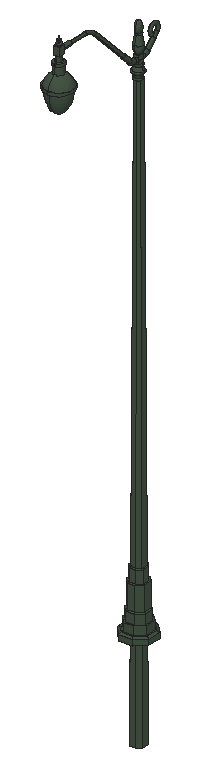
Revit family
Reference planes (in)
  plane 1 "Center (Front/Back)": y = 0.11763
  plane 2: z = 0
  plane 3 "Center (Left/Right)": x = 0
  plane 4 "Pole Base": z = -72
  plane 5 "Support Rod Length": y = -72
  plane 6: y = 2.75
  plane 7: y = -2.75
  plane 8: y = 3.75
  plane 9: y = -3.75
  plane 10: y = 0.11763
Forms (in)
  Blend 1, solid, material "Green Concrete"
    base sketch origin (0.11763, 0.11763, 0) x (0, 1, 0) y (-1, 0, 0)
      loop
        line (-5, 2.07107) -> (-5, -2.07107) -> (-2.07107, -5) -> (2.07107, -5) -> (5, -2.07107) -> (5, 2.07107) -> (2.07107, 5) -> (-2.07107, 5) -> (-5, 2.07107)
    top sketch origin (0.11763, 0.11763, 0) x (0, 1, 0) y (-1, 0, 0)
      loop
        line (-2.75, 1.13909) -> (-2.75, -1.13909) -> (-1.13909, -2.75) -> (1.13909, -2.75) -> (2.75, -1.13909) -> (2.75, 1.13909) -> (1.13909, 2.75) -> (-1.13909, 2.75) -> (-2.75, 1.13909)
    from -72 to 372
  Blend 2, solid, material "Green Concrete"
    base sketch origin (0.11763, 0.11763, 3.75) x (-1, 0, 0) y (0, -1, 0)
      loop
        line (-11.75, 4.86701) -> (-11.75, -4.86701) -> (-4.86701, -11.75) -> (4.86701, -11.75) -> (11.75, -4.86701) -> (11.75, 4.86701) -> (4.86701, 11.75) -> (-4.86701, 11.75) -> (-11.75, 4.86701)
    top sketch origin (0.11763, 0.11763, 3.75) x (-1, 0, 0) y (0, -1, 0)
      loop
        line (-4.34924, 10.5) -> (-10.5, 4.34924) -> (-10.5, -4.34924) -> (-4.34924, -10.5) -> (4.34924, -10.5) -> (10.5, -4.34924) -> (10.5, 4.34924) -> (4.34924, 10.5) -> (-4.34924, 10.5)
    from 0 to 1.5
  Extrusion 3, solid, material "Green Concrete"
    sketch origin (0.11763, 0.11763, 0) x (0, 1, 0) y (-1, 0, 0)
      loop
        line (-4.86701, -11.75) -> (4.86701, -11.75) -> (11.75, -4.86701) -> (11.75, 4.86701) -> (4.86701, 11.75) -> (-4.86701, 11.75) -> (-11.75, 4.86701) -> (-11.75, -4.86701) -> (-4.86701, -11.75)
    from 0 to 3.75
  Extrusion 4, solid, material "Green Concrete"
    sketch origin (0.11763, 0.11763, 5.20711) x (-1, 0, 0) y (0, -1, 0)
      loop
        line (-3.72792, 9) -> (-9, 3.72792) -> (-9, -3.72792) -> (-3.72792, -9) -> (3.72792, -9) -> (9, -3.72792) -> (9, 3.72792) -> (3.72792, 9) -> (-3.72792, 9)
    from 0 to 6.25
  Blend 5, solid, material "Green Concrete"
    base sketch origin (0.11763, 0.11763, 18.45711) x (-1, 0, 0) y (0, -1, 0)
      loop
        line (-3.21016, 7.75) -> (-7.75, 3.21016) -> (-7.75, -3.21016) -> (-3.21016, -7.75) -> (3.21016, -7.75) -> (7.75, -3.21016) -> (7.75, 3.21016) -> (3.21016, 7.75) -> (-3.21016, 7.75)
    top sketch origin (0.11763, 0.11763, 18.45711) x (-1, 0, 0) y (0, -1, 0)
      loop
        line (-2.79594, 6.75) -> (-6.75, 2.79594) -> (-6.75, -2.79594) -> (-2.79594, -6.75) -> (2.79594, -6.75) -> (6.75, -2.79594) -> (6.75, 2.79594) -> (2.79594, 6.75) -> (-2.79594, 6.75)
    from 0 to 1
  Extrusion 6, solid, material "Green Concrete"
    sketch origin (0.11763, 0.11763, 18.45711) x (-1, 0, 0) y (0, -1, 0)
      loop
        line (-3.21016, 7.75) -> (-7.75, 3.21016) -> (-7.75, -3.21016) -> (-3.21016, -7.75) -> (3.21016, -7.75) -> (7.75, -3.21016) -> (7.75, 3.21016) -> (3.21016, 7.75) -> (-3.21016, 7.75)
    from 0 to -7
  Extrusion 7, solid, material "Green Concrete"
    sketch origin (0.11763, 0.11763, 19.45711) x (-1, 0, 0) y (0, -1, 0)
      loop
        line (-2.79594, 6.75) -> (-6.75, 2.79594) -> (-6.75, -2.79594) -> (-2.79594, -6.75) -> (2.79594, -6.75) -> (6.75, -2.79594) -> (6.75, 2.79594) -> (2.79594, 6.75) -> (-2.79594, 6.75)
    from 0 to 18
  Blend 8, solid, material "Green Concrete"
    base sketch origin (0.11763, 0.11763, 46.66421) x (-1, 0, 0) y (0, -1, 0)
      loop
        line (-2.27817, 5.5) -> (-5.5, 2.27817) -> (-5.5, -2.27817) -> (-2.27817, -5.5) -> (2.27817, -5.5) -> (5.5, -2.27817) -> (5.5, 2.27817) -> (2.27817, 5.5) -> (-2.27817, 5.5)
    top sketch origin (0.11763, 0.11763, 46.66421) x (-1, 0, 0) y (0, -1, 0)
      loop
        line (-1.83043, 4.3891) -> (-4.39926, 1.82028) -> (-4.39926, -1.8104) -> (-1.8144, -4.39525) -> (1.82171, -4.39525) -> (4.38841, -1.82855) -> (4.38841, 1.82636) -> (1.82567, 4.3891) -> (-1.83043, 4.3891)
    from 0 to 1
  Extrusion 9, solid, material "Green Concrete"
    sketch origin (0.11763, 0.11763, 37.45711) x (-1, 0, 0) y (0, -1, 0)
      loop
        line (2.27817, -5.5) -> (5.5, -2.27817) -> (5.5, 2.27817) -> (2.27817, 5.5) -> (-2.27817, 5.5) -> (-5.5, 2.27817) -> (-5.5, -2.27817) -> (-2.27817, -5.5) -> (2.27817, -5.5)
    from 0 to 9.20711
  Revolve 10, solid, material "Green Metal"
    sketch origin (0.11763, 0, 0) x (-1, 0, 0) y (0, 0, 1)
      loop
        arc (2.75, 372) -> (3.25, 372.5) -> (2.75, 373) r 0.5
        line (2.75, 373) -> (2.37531, 373) -> (3.98927, 376.625)
        arc (3.98927, 376.625) -> (4.48927, 377.125) -> (3.98927, 377.625) r 0.5
        line (3.98927, 377.625) -> (2.37531, 381.25) -> (2.75, 381.25)
        arc (2.75, 381.25) -> (3.25, 381.75) -> (2.75, 382.25) r 0.5
        line (2.75, 382.25) -> (0.11763, 382.25) -> (0.11763, 372) -> (2.75, 372)
      axis (0.11763, 372) -> (0.11763, 382.25)
    angle from 0 to 360
  Extrusion 11, solid, material "Green Metal"
    sketch origin (0.61763, -0.38237, 382.25) x (-1, 0, 0) y (0, -1, 0)
      loop
        line (-1.38237, 1.5) -> (-1.38237, -2.5) -> (2.61763, -2.5) -> (2.61763, 1.5) -> (-1.38237, 1.5)
    from 0 to 6
  Sweep 12, solid, material "Green Metal"
    path origin (-0.00704, 0.11763, 0) x (0, 0, -1) y (0, -1, 0)
      loop
        arc (-387.05494, -8.32058) -> (-385.7543, -6.37404) -> (-385.29758, -4.07794) r 6
        line (-385.29758, -4.07794) -> (-385.29758, 0) -> (-385.29758, 4.07794)
        arc (-385.29758, 4.07794) -> (-385.7543, 6.37404) -> (-387.05494, 8.32058) r 6
    profile origin (-0.00704, -6.25641, 385.7543) x (0, 0.382683, 0.92388) y (-1, 0, 0)
      loop
        circle (0, 0) r 1.75
  Sweep 13, solid, material "Green Metal"
    path in 3D
      loop
        line (0, -13.8598, 392.71179) -> (0, -40.93087, 419.78286)
        arc (0, -40.93087, 419.78286) -> (0, -44.82395, 422.38414) -> (0, -49.41615, 423.29758) r 12
        line (0, -49.41615, 423.29758) -> (0, -63.88237, 423.29758)
    profile origin (0, -27.39534, 406.24733) x (-1, 0, 0) y (0, -0.707107, -0.707107)
      loop
        circle (0, 0) r 1
  Sweep 14, solid, material "Green Metal"
    path in 3D
      loop
        line (0, -8.20295, 387.05494) -> (0, -13.8598, 392.71179)
    profile origin (0, -11.03138, 389.88337) x (-1, 0, 0) y (0, -0.707107, -0.707107)
      loop
        circle (0, 0) r 1.5
  Sweep 15, solid, material "Green Metal"
    path in 3D
      loop
        line (0, -71.88237, 423.29758) -> (0, -63.88237, 423.29758)
    profile origin (0, -67.88237, 423.29758) x (-1, 0, 0) y (0, 0, 1)
      loop
        circle (0, 0) r 1.5
  Extrusion 16, solid, material "Green Metal"
    sketch origin (0.61763, -74.42134, 420.25) x (-1, 0, 0) y (0, -1, 0)
      loop
        line (-1.38237, 1.5) -> (-1.38237, -2.5) -> (2.61763, -2.5) -> (2.61763, 1.5) -> (-1.38237, 1.5)
    from 0 to 6
  Revolve 17, solid, material "Green Metal"
    sketch origin (0.11763, 0.11763, 0) x (0, 1, 0) y (0, 0, 1)
      loop
        arc (2.124, 402.00111) -> (2.34138, 402.1864) -> (2.14483, 402.39366) r 0.19683
        line (2.14483, 402.39366) -> (0.5, 402.39366)
        spline (0.5, 402.39366) -> (1.04157, 402.57882) -> (1.524, 403.01569) -> (1.91729, 403.67707) -> (2.19695, 404.52181) -> (2.34559, 405.49736) -> (2.35396, 406.543) -> (2.22154, 407.59368) -> (1.95656, 408.58402) -> (1.57552, 409.4524) -> (1.10212, 410.14479) -> (0.56583, 410.6181) -> (0, 410.84289)
        line (0, 410.84289) -> (0, 388.25)
        spline (0, 388.25) -> (0.50084, 388.31271) -> (0.98971, 388.49936) -> (1.45494, 388.80547) -> (1.88541, 389.22373) -> (2.27083, 389.74416) -> (2.60201, 390.35433) -> (2.87101, 391.03964) -> (3.07143, 391.78373) -> (3.19847, 392.56883) -> (3.2491, 393.37617) -> (3.2221, 394.18647) -> (3.11812, 394.98037)
        line (3.11812, 394.98037) -> (1.8516, 401.70372)
        arc (1.8516, 401.70372) -> (1.91356, 401.91955) -> (2.12374, 401.9986) r 0.25
      axis (0, 388.25) -> (0, 410.84289)
    angle from 0 to 360
  Extrusion 18, solid, material "Green Metal"
    sketch origin (0.11763, 0.11763, 420.25) x (0, 1, 0) y (-1, 0, 0)
      loop
        circle (-74.03897, 0.11763) r 1.5
    from 0 to -4
  Revolve 19, solid, material "Green Metal"
    sketch origin (0.11763, 0.11763, 0) x (0, 1, 0) y (0, 0, 1)
      loop
        line (-74.03897, 416.25) -> (-74.03897, 414.25) -> (-70.03897, 414.25) -> (-70.03897, 415.75) -> (-70.905, 416.25) -> (-74.03897, 416.25)
      axis (-74.03897, 414.25) -> (-74.03897, 416.25)
    angle from 0 to 360
  Extrusion 20, solid, material "Green Metal"
    sketch origin (0.11763, 0.11763, 414.25) x (0, 1, 0) y (-1, 0, 0)
      loop
        circle (-74.03897, 0.11763) r 3.5
    from 0 to -6
  Revolve 21, solid, material "Green Metal"
    sketch origin (0.11763, 0.11763, 0) x (0, 1, 0) y (0, 0, 1)
      loop
        line (-74.03897, 408.25) -> (-74.03897, 398.25) -> (-63.54489, 398.25) -> (-63.54489, 400.21047) -> (-64.34807, 400.21047)
        arc (-64.34807, 400.21047) -> (-66.58142, 404.8941) -> (-70.53897, 408.25) r 12.3723
        line (-70.53897, 408.25) -> (-74.03897, 408.25)
      axis (-74.03897, 398.25) -> (-74.03897, 408.25)
    angle from 0 to 360
  Revolve 22, solid, material "Green Metal"
    sketch origin (0.11763, 0.11763, 0) x (0, 1, 0) y (0, 0, 1)
      loop
        line (-65.03897, 398.25) -> (-74.03897, 398.25) -> (-74.03897, 381.5)
        spline (-74.03897, 381.5) -> (-72.86423, 381.6433) -> (-71.7096, 382.07074) -> (-70.59482, 382.77502) -> (-69.53897, 383.74407) -> (-68.56012, 384.96133) -> (-67.67501, 386.40596) -> (-66.89879, 388.05325) -> (-66.24474, 389.875) -> (-65.72405, 391.84005) -> (-65.34564, 393.91478) -> (-65.11597, 396.06369) -> (-65.03897, 398.25)
      axis (-74.03897, 381.5) -> (-74.03897, 398.25)
    angle from 0 to 360
  Sweep 23, solid, material "Green Metal"
    path in 3D
      loop
        line (0, 8.43821, 387.05494) -> (0, 14.09507, 392.71179)
    profile origin (0, 11.26664, 389.88337) x (-1, 0, 0) y (0, -0.707107, 0.707107)
      loop
        circle (0, 0) r 1.5
  Revolve 24, solid, material "Green Metal"
    sketch origin (0.11763, 0.11763, 0) x (0, 1, 0) y (0, 0, 1)
      loop
        line (-72.27121, 426.25) -> (-72.27121, 426.56002) -> (-72.60212, 426.56002) -> (-72.60212, 426.84403) -> (-72.92709, 426.84403) -> (-72.92709, 427.16298) -> (-73.57305, 427.16298) -> (-73.57305, 427.45965) -> (-72.59941, 427.45965)
        arc (-72.59941, 427.45965) -> (-72.28691, 427.77215) -> (-72.59941, 428.08465) r 0.3125
        line (-72.59941, 428.08465) -> (-73.57305, 428.08465) -> (-73.57305, 429.53378) -> (-73.17709, 429.53378)
        arc (-73.17709, 429.53378) -> (-73.00031, 429.607) -> (-72.92709, 429.78378) r 0.25
        line (-72.92709, 429.78378) -> (-72.92709, 430.28378) -> (-73.3939, 430.28378) -> (-73.94566, 432.87961) -> (-74.03897, 432.87961) -> (-74.03897, 426.25) -> (-72.27121, 426.25)
      axis (-74.03897, 426.25) -> (-74.03897, 432.87961)
    angle from 0 to 360
  Sweep 25, solid, material "Green Metal"
    path origin (0.11763, 0.11763, 0) x (0, 1, 0) y (0, 0, 1)
      loop
        line (13.80066, 392.53502) -> (17.25612, 395.99048)
        arc (17.25612, 395.99048) -> (14.31074, 402.31609) -> (12.49348, 395.57916) r 3.71352
    profile origin (0.11763, 15.64602, 394.26275) x (0, -0.707107, 0.707107) y (1, 0, 0)
      loop
        circle (0, -0.11763) r 1
  Blend 26, solid, material "Green Concrete", not visible
    base sketch origin (0, 0, 0) x (1, 0, 0) y (0, 1, 0)
      loop
        line (-5, 2.07107) -> (-5, -2.07107) -> (-2.07107, -5) -> (2.07107, -5) -> (5, -2.07107) -> (5, 2.07107) -> (2.07107, 5) -> (-2.07107, 5) -> (-5, 2.07107)
    top sketch origin (0, 0, 0) x (1, 0, 0) y (0, 1, 0)
      loop
        line (-2.75, 1.13909) -> (-2.75, -1.13909) -> (-1.13909, -2.75) -> (1.13909, -2.75) -> (2.75, -1.13909) -> (2.75, 1.13909) -> (1.13909, 2.75) -> (-1.13909, 2.75) -> (-2.75, 1.13909)
    from -72 to 372
  Blend 27, solid, material "Green Concrete", not visible
    base sketch origin (0, 0, 3.75) x (0, 1, 0) y (-1, 0, 0)
      loop
        line (-11.75, 4.86701) -> (-11.75, -4.86701) -> (-4.86701, -11.75) -> (4.86701, -11.75) -> (11.75, -4.86701) -> (11.75, 4.86701) -> (4.86701, 11.75) -> (-4.86701, 11.75) -> (-11.75, 4.86701)
    top sketch origin (0, 0, 3.75) x (0, 1, 0) y (-1, 0, 0)
      loop
        line (-4.34924, 10.5) -> (-10.5, 4.34924) -> (-10.5, -4.34924) -> (-4.34924, -10.5) -> (4.34924, -10.5) -> (10.5, -4.34924) -> (10.5, 4.34924) -> (4.34924, 10.5) -> (-4.34924, 10.5)
    from 0 to 1.5
  Extrusion 28, solid, material "Green Concrete", not visible
    sketch origin (0, 0, 0) x (1, 0, 0) y (0, 1, 0)
      loop
        line (-4.86701, -11.75) -> (4.86701, -11.75) -> (11.75, -4.86701) -> (11.75, 4.86701) -> (4.86701, 11.75) -> (-4.86701, 11.75) -> (-11.75, 4.86701) -> (-11.75, -4.86701) -> (-4.86701, -11.75)
    from 0 to 3.75
  Extrusion 29, solid, material "Green Concrete", not visible
    sketch origin (0, 0, 5.20711) x (0, 1, 0) y (-1, 0, 0)
      loop
        line (-3.72792, 9) -> (-9, 3.72792) -> (-9, -3.72792) -> (-3.72792, -9) -> (3.72792, -9) -> (9, -3.72792) -> (9, 3.72792) -> (3.72792, 9) -> (-3.72792, 9)
    from 0 to 6.25
  Blend 30, solid, material "Green Concrete", not visible
    base sketch origin (0, 0, 18.45711) x (0, 1, 0) y (-1, 0, 0)
      loop
        line (-3.21016, 7.75) -> (-7.75, 3.21016) -> (-7.75, -3.21016) -> (-3.21016, -7.75) -> (3.21016, -7.75) -> (7.75, -3.21016) -> (7.75, 3.21016) -> (3.21016, 7.75) -> (-3.21016, 7.75)
    top sketch origin (0, 0, 18.45711) x (0, 1, 0) y (-1, 0, 0)
      loop
        line (-2.79594, 6.75) -> (-6.75, 2.79594) -> (-6.75, -2.79594) -> (-2.79594, -6.75) -> (2.79594, -6.75) -> (6.75, -2.79594) -> (6.75, 2.79594) -> (2.79594, 6.75) -> (-2.79594, 6.75)
    from 0 to 1
  Extrusion 31, solid, material "Green Concrete", not visible
    sketch origin (0, 0, 18.45711) x (0, 1, 0) y (-1, 0, 0)
      loop
        line (-3.21016, 7.75) -> (-7.75, 3.21016) -> (-7.75, -3.21016) -> (-3.21016, -7.75) -> (3.21016, -7.75) -> (7.75, -3.21016) -> (7.75, 3.21016) -> (3.21016, 7.75) -> (-3.21016, 7.75)
    from 0 to -7
  Extrusion 32, solid, material "Green Concrete", not visible
    sketch origin (0, 0, 19.45711) x (0, 1, 0) y (-1, 0, 0)
      loop
        line (-2.79594, 6.75) -> (-6.75, 2.79594) -> (-6.75, -2.79594) -> (-2.79594, -6.75) -> (2.79594, -6.75) -> (6.75, -2.79594) -> (6.75, 2.79594) -> (2.79594, 6.75) -> (-2.79594, 6.75)
    from 0 to 18
  Blend 33, solid, material "Green Concrete", not visible
    base sketch origin (0, 0, 46.66421) x (0, 1, 0) y (-1, 0, 0)
      loop
        line (-2.27817, 5.5) -> (-5.5, 2.27817) -> (-5.5, -2.27817) -> (-2.27817, -5.5) -> (2.27817, -5.5) -> (5.5, -2.27817) -> (5.5, 2.27817) -> (2.27817, 5.5) -> (-2.27817, 5.5)
    top sketch origin (0, 0, 46.66421) x (0, 1, 0) y (-1, 0, 0)
      loop
        line (-1.83043, 4.3891) -> (-4.39926, 1.82028) -> (-4.39926, -1.8104) -> (-1.8144, -4.39525) -> (1.82171, -4.39525) -> (4.38841, -1.82855) -> (4.38841, 1.82636) -> (1.82567, 4.3891) -> (-1.83043, 4.3891)
    from 0 to 1
  Extrusion 34, solid, material "Green Concrete", not visible
    sketch origin (0, 0, 37.45711) x (0, 1, 0) y (-1, 0, 0)
      loop
        line (2.27817, -5.5) -> (5.5, -2.27817) -> (5.5, 2.27817) -> (2.27817, 5.5) -> (-2.27817, 5.5) -> (-5.5, 2.27817) -> (-5.5, -2.27817) -> (-2.27817, -5.5) -> (2.27817, -5.5)
    from 0 to 9.20711
  Revolve 35, solid, material "Green Metal", not visible
    sketch origin (0, 0, 0) x (0, 1, 0) y (0, 0, 1)
      loop
        arc (2.75, 372) -> (3.25, 372.5) -> (2.75, 373) r 0.5
        line (2.75, 373) -> (2.37531, 373) -> (3.98927, 376.625)
        arc (3.98927, 376.625) -> (4.48927, 377.125) -> (3.98927, 377.625) r 0.5
        line (3.98927, 377.625) -> (2.37531, 381.25) -> (2.75, 381.25)
        arc (2.75, 381.25) -> (3.25, 381.75) -> (2.75, 382.25) r 0.5
        line (2.75, 382.25) -> (0.11763, 382.25) -> (0.11763, 372) -> (2.75, 372)
      axis (0.11763, 372) -> (0.11763, 382.25)
    angle from 0 to 360
  Extrusion 36, solid, material "Green Metal", not visible
    sketch origin (-0.5, -0.5, 382.25) x (0, 1, 0) y (-1, 0, 0)
      loop
        line (-1.38237, 1.5) -> (-1.38237, -2.5) -> (2.61763, -2.5) -> (2.61763, 1.5) -> (-1.38237, 1.5)
    from 0 to 6
  Sweep 37, solid, material "Green Metal", not visible
    path origin (0, 0.12467, 0) x (0, 0, -1) y (-1, 0, 0)
      loop
        arc (-387.05494, -8.32058) -> (-385.7543, -6.37404) -> (-385.29758, -4.07794) r 6
        line (-385.29758, -4.07794) -> (-385.29758, 0) -> (-385.29758, 4.07794)
        arc (-385.29758, 4.07794) -> (-385.7543, 6.37404) -> (-387.05494, 8.32058) r 6
    profile origin (-6.37404, 0.12467, 385.7543) x (0.382683, 0, 0.92388) y (0, 1, 0)
      loop
        circle (0, 0) r 1.75
  Sweep 38, solid, material "Green Metal", not visible
    path in 3D
      loop
        line (-13.97743, 0.11763, 392.71179) -> (-41.0485, 0.11763, 419.78286)
        arc (-41.0485, 0.11763, 419.78286) -> (-44.94158, 0.11763, 422.38414) -> (-49.53378, 0.11763, 423.29758) r 12
        line (-49.53378, 0.11763, 423.29758) -> (-64, 0.11763, 423.29758)
    profile origin (-27.51297, 0.11763, 406.24733) x (-0.707107, 0, -0.707107) y (0, -1, 0)
      loop
        circle (0, 0) r 1
  Sweep 39, solid, material "Green Metal", not visible
    path in 3D
      loop
        line (-8.32058, 0.11763, 387.05494) -> (-13.97743, 0.11763, 392.71179)
    profile origin (-11.14901, 0.11763, 389.88337) x (-0.707107, 0, -0.707107) y (0, -1, 0)
      loop
        circle (0, 0) r 1.5
  Sweep 40, solid, material "Green Metal", not visible
    path in 3D
      loop
        line (-72, 0.11763, 423.29758) -> (-64, 0.11763, 423.29758)
    profile origin (-68, 0.11763, 423.29758) x (0, 0, 1) y (0, -1, 0)
      loop
        circle (0, 0) r 1.5
  Extrusion 41, solid, material "Green Metal", not visible
    sketch origin (-74.53897, -0.5, 420.25) x (0, 1, 0) y (-1, 0, 0)
      loop
        line (-1.38237, 1.5) -> (-1.38237, -2.5) -> (2.61763, -2.5) -> (2.61763, 1.5) -> (-1.38237, 1.5)
    from 0 to 6
  Revolve 42, solid, material "Green Metal", not visible
    sketch origin (0, 0.11763, 0) x (1, 0, 0) y (0, 0, 1)
      loop
        arc (2.124, 402.00111) -> (2.34138, 402.1864) -> (2.14483, 402.39366) r 0.19683
        line (2.14483, 402.39366) -> (0.5, 402.39366)
        spline (0.5, 402.39366) -> (1.04157, 402.57882) -> (1.524, 403.01569) -> (1.91729, 403.67707) -> (2.19695, 404.52181) -> (2.34559, 405.49736) -> (2.35396, 406.543) -> (2.22154, 407.59368) -> (1.95656, 408.58402) -> (1.57552, 409.4524) -> (1.10212, 410.14479) -> (0.56583, 410.6181) -> (0, 410.84289)
        line (0, 410.84289) -> (0, 388.25)
        spline (0, 388.25) -> (0.50084, 388.31271) -> (0.98971, 388.49936) -> (1.45494, 388.80547) -> (1.88541, 389.22373) -> (2.27083, 389.74416) -> (2.60201, 390.35433) -> (2.87101, 391.03964) -> (3.07143, 391.78373) -> (3.19847, 392.56883) -> (3.2491, 393.37617) -> (3.2221, 394.18647) -> (3.11812, 394.98037)
        line (3.11812, 394.98037) -> (1.8516, 401.70372)
        arc (1.8516, 401.70372) -> (1.91356, 401.91955) -> (2.12374, 401.9986) r 0.25
      axis (0, 388.25) -> (0, 410.84289)
    angle from 0 to 360
  Extrusion 43, solid, material "Green Metal", not visible
    sketch origin (0, 0, 420.25) x (1, 0, 0) y (0, 1, 0)
      loop
        circle (-74.03897, 0.11763) r 1.5
    from 0 to -4
  Revolve 44, solid, material "Green Metal", not visible
    sketch origin (0, 0.11763, 0) x (1, 0, 0) y (0, 0, 1)
      loop
        line (-74.03897, 416.25) -> (-74.03897, 414.25) -> (-70.03897, 414.25) -> (-70.03897, 415.75) -> (-70.905, 416.25) -> (-74.03897, 416.25)
      axis (-74.03897, 414.25) -> (-74.03897, 416.25)
    angle from 0 to 360
  Extrusion 45, solid, material "Green Metal", not visible
    sketch origin (0, 0, 414.25) x (1, 0, 0) y (0, 1, 0)
      loop
        circle (-74.03897, 0.11763) r 3.5
    from 0 to -6
  Revolve 46, solid, material "Green Metal", not visible
    sketch origin (0, 0.11763, 0) x (1, 0, 0) y (0, 0, 1)
      loop
        line (-74.03897, 408.25) -> (-74.03897, 398.25) -> (-63.54489, 398.25) -> (-63.54489, 400.21047) -> (-64.34807, 400.21047)
        arc (-64.34807, 400.21047) -> (-66.58142, 404.8941) -> (-70.53897, 408.25) r 12.3723
        line (-70.53897, 408.25) -> (-74.03897, 408.25)
      axis (-74.03897, 398.25) -> (-74.03897, 408.25)
    angle from 0 to 360
  Revolve 47, solid, material "Glass", not visible
    sketch origin (0, 0.11763, 0) x (1, 0, 0) y (0, 0, 1)
      loop
        line (-65.03897, 398.25) -> (-74.03897, 398.25) -> (-74.03897, 381.5)
        spline (-74.03897, 381.5) -> (-72.86423, 381.6433) -> (-71.7096, 382.07074) -> (-70.59482, 382.77502) -> (-69.53897, 383.74407) -> (-68.56012, 384.96133) -> (-67.67501, 386.40596) -> (-66.89879, 388.05325) -> (-66.24474, 389.875) -> (-65.72405, 391.84005) -> (-65.34564, 393.91478) -> (-65.11597, 396.06369) -> (-65.03897, 398.25)
      axis (-74.03897, 381.5) -> (-74.03897, 398.25)
    angle from 0 to 360
  Sweep 48, solid, material "Green Metal", not visible
    path in 3D
      loop
        line (8.32058, 0.11763, 387.05494) -> (13.97743, 0.11763, 392.71179)
    profile origin (11.14901, 0.11763, 389.88337) x (-0.707107, 0, 0.707107) y (0, -1, 0)
      loop
        circle (0, 0) r 1.5
  Revolve 49, solid, material "Green Metal", not visible
    sketch origin (0, 0.11763, 0) x (1, 0, 0) y (0, 0, 1)
      loop
        line (-72.27121, 426.25) -> (-72.27121, 426.56002) -> (-72.60212, 426.56002) -> (-72.60212, 426.84403) -> (-72.92709, 426.84403) -> (-72.92709, 427.16298) -> (-73.57305, 427.16298) -> (-73.57305, 427.45965) -> (-72.59941, 427.45965)
        arc (-72.59941, 427.45965) -> (-72.28691, 427.77215) -> (-72.59941, 428.08465) r 0.3125
        line (-72.59941, 428.08465) -> (-73.57305, 428.08465) -> (-73.57305, 429.53378) -> (-73.17709, 429.53378)
        arc (-73.17709, 429.53378) -> (-73.00031, 429.607) -> (-72.92709, 429.78378) r 0.25
        line (-72.92709, 429.78378) -> (-72.92709, 430.28378) -> (-73.3939, 430.28378) -> (-73.94566, 432.87961) -> (-74.03897, 432.87961) -> (-74.03897, 426.25) -> (-72.27121, 426.25)
      axis (-74.03897, 426.25) -> (-74.03897, 432.87961)
    angle from 0 to 360
  Sweep 50, solid, material "Green Metal", not visible
    path origin (0, 0.11763, 0) x (1, 0, 0) y (0, 0, 1)
      loop
        line (13.80066, 392.53502) -> (17.25612, 395.99048)
        arc (17.25612, 395.99048) -> (14.31074, 402.31609) -> (12.49348, 395.57916) r 3.71352
    profile origin (15.52839, 0.11763, 394.26275) x (-0.707107, 0, 0.707107) y (0, -1, 0)
      loop
        circle (0, 0) r 1
Cuts and joins
  joined: Blend 2, Extrusion 3, Extrusion 4, Blend 5, Extrusion 6, Extrusion 7, Blend 8, Extrusion 9
Lines and regions (in)
  model lines
    curve 1: line (-1.95344, 5.11763, -72) -> (-4.88237, 2.1887, -72)
    curve 2: line (-4.88237, 2.1887, -72) -> (-4.88237, -1.95344, -72)
    curve 3: line (-4.88237, -1.95344, -72) -> (-1.95344, -4.88237, -72)
    curve 4: line (-1.95344, -4.88237, -72) -> (2.1887, -4.88237, -72)
    curve 5: line (2.1887, -4.88237, -72) -> (5.11763, -1.95344, -72)
    curve 6: line (5.11763, -1.95344, -72) -> (5.11763, 2.1887, -72)
    curve 7: line (5.11763, 2.1887, -72) -> (2.1887, 5.11763, -72)
    curve 8: line (2.1887, 5.11763, -72) -> (-1.95344, 5.11763, -72)
    curve 9: line (-2.16054, -5.38237, 46.66421) -> (2.39581, -5.38237, 46.66421)
    curve 10: line (2.39581, -5.38237, 46.66421) -> (5.61763, -2.16054, 46.66421)
    curve 11: line (5.61763, -2.16054, 46.66421) -> (5.61763, 2.39581, 46.66421)
    curve 12: line (5.61763, 2.39581, 46.66421) -> (2.39581, 5.61763, 46.66421)
    curve 13: line (2.39581, 5.61763, 46.66421) -> (-2.16054, 5.61763, 46.66421)
    curve 19: line (0, 3.23601, 394.979) -> (0, 1.96924, 401.70372)
    curve 20: line (0, 2.21492, 402) -> (0, 2.26246, 402)
    curve 21: arc (0, 2.26246, 402) -> (0, 2.45929, 402.19683) -> (0, 2.26246, 402.39366) r 0.19683
    curve 22: line (0, 2.26246, 402.39366) -> (0, 0.61763, 402.39366)
    curve 23: spline (0, 0.11763, 388.25) -> (0, 0.61778, 388.31254) -> (0, 1.10602, 388.49867) -> (0, 1.5707, 388.80396) -> (0, 2.00077, 389.22112) -> (0, 2.38597, 389.74023) -> (0, 2.71713, 390.34892) -> (0, 2.98636, 391.03268) -> (0, 3.18724, 391.77522) -> (0, 3.31499, 392.55886) -> (0, 3.36656, 393.36492) -> (0, 3.34072, 394.17419) -> (0, 3.2381, 394.96741)
    curve 24: arc (0, 2.21492, 402) -> (0, 2.02247, 401.90958) -> (0, 1.96924, 401.70372) r 0.25
    curve 25: spline (0, 0.61763, 402.39366) -> (0, 1.1592, 402.57882) -> (0, 1.64164, 403.01569) -> (0, 2.03492, 403.67707) -> (0, 2.31458, 404.52181) -> (0, 2.46323, 405.49736) -> (0, 2.47159, 406.543) -> (0, 2.33917, 407.59368) -> (0, 2.0742, 408.58402) -> (0, 1.69315, 409.4524) -> (0, 1.21976, 410.14479) -> (0, 0.68346, 410.6181) -> (0, 0.11763, 410.84289)
  sketch lines
    curve 14: line (0, -13.8598, 392.71179) -> (0, -40.93087, 419.78286)
    curve 15: arc (0, -49.41615, 423.29758) -> (0, -44.82395, 422.38414) -> (0, -40.93087, 419.78286) r 12
    curve 16: line (0, -63.88237, 423.29758) -> (0, -49.41615, 423.29758)
    curve 17: line (0, -8.20295, 387.05494) -> (0, -13.8598, 392.71179)
    curve 18: line (0, -71.88237, 423.29758) -> (0, -63.88237, 423.29758)
    curve 26: line (0, 8.43821, 387.05494) -> (0, 14.09507, 392.71179)
  model lines, not visible
    curve 27: line (5, 2.07107, -72) -> (2.07107, 5, -72)
    curve 28: line (2.07107, 5, -72) -> (-2.07107, 5, -72)
    curve 29: line (-2.07107, 5, -72) -> (-5, 2.07107, -72)
    curve 30: line (-5, 2.07107, -72) -> (-5, -2.07107, -72)
    curve 31: line (-5, -2.07107, -72) -> (-2.07107, -5, -72)
    curve 32: line (-2.07107, -5, -72) -> (2.07107, -5, -72)
    curve 33: line (2.07107, -5, -72) -> (5, -2.07107, -72)
    curve 34: line (5, -2.07107, -72) -> (5, 2.07107, -72)
    curve 35: line (-5.5, 2.27817, 46.66421) -> (-5.5, -2.27817, 46.66421)
    curve 36: line (-5.5, -2.27817, 46.66421) -> (-2.27817, -5.5, 46.66421)
    curve 37: line (-2.27817, -5.5, 46.66421) -> (2.27817, -5.5, 46.66421)
    curve 38: line (2.27817, -5.5, 46.66421) -> (5.5, -2.27817, 46.66421)
    curve 39: line (5.5, -2.27817, 46.66421) -> (5.5, 2.27817, 46.66421)
    curve 45: line (3.11838, 0.11763, 394.979) -> (1.8516, 0.11763, 401.70372)
    curve 46: line (2.09728, 0.11763, 402) -> (2.14483, 0.11763, 402)
    curve 47: arc (2.14483, 0.11763, 402) -> (2.34166, 0.11763, 402.19683) -> (2.14483, 0.11763, 402.39366) r 0.19683
    curve 48: line (2.14483, 0.11763, 402.39366) -> (0.5, 0.11763, 402.39366)
    curve 49: spline (0, 0.11763, 388.25) -> (0.50015, 0.11763, 388.31254) -> (0.98838, 0.11763, 388.49867) -> (1.45307, 0.11763, 388.80396) -> (1.88314, 0.11763, 389.22112) -> (2.26834, 0.11763, 389.74023) -> (2.5995, 0.11763, 390.34892) -> (2.86873, 0.11763, 391.03268) -> (3.06961, 0.11763, 391.77522) -> (3.19735, 0.11763, 392.55886) -> (3.24892, 0.11763, 393.36492) -> (3.22309, 0.11763, 394.17419) -> (3.12047, 0.11763, 394.96741)
    curve 50: arc (2.09728, 0.11763, 402) -> (1.90484, 0.11763, 401.90958) -> (1.8516, 0.11763, 401.70372) r 0.25
    curve 51: spline (0.5, 0.11763, 402.39366) -> (1.04157, 0.11763, 402.57882) -> (1.524, 0.11763, 403.01569) -> (1.91729, 0.11763, 403.67707) -> (2.19695, 0.11763, 404.52181) -> (2.34559, 0.11763, 405.49736) -> (2.35396, 0.11763, 406.543) -> (2.22154, 0.11763, 407.59368) -> (1.95656, 0.11763, 408.58402) -> (1.57552, 0.11763, 409.4524) -> (1.10212, 0.11763, 410.14479) -> (0.56583, 0.11763, 410.6181) -> (0, 0.11763, 410.84289)
  sketch lines, not visible
    curve 40: line (-13.97743, 0.11763, 392.71179) -> (-41.0485, 0.11763, 419.78286)
    curve 41: arc (-49.53378, 0.11763, 423.29758) -> (-44.94158, 0.11763, 422.38414) -> (-41.0485, 0.11763, 419.78286) r 12
    curve 42: line (-64, 0.11763, 423.29758) -> (-49.53378, 0.11763, 423.29758)
    curve 43: line (-8.32058, 0.11763, 387.05494) -> (-13.97743, 0.11763, 392.71179)
    curve 44: line (-72, 0.11763, 423.29758) -> (-64, 0.11763, 423.29758)
    curve 52: line (8.32058, 0.11763, 387.05494) -> (13.97743, 0.11763, 392.71179)
